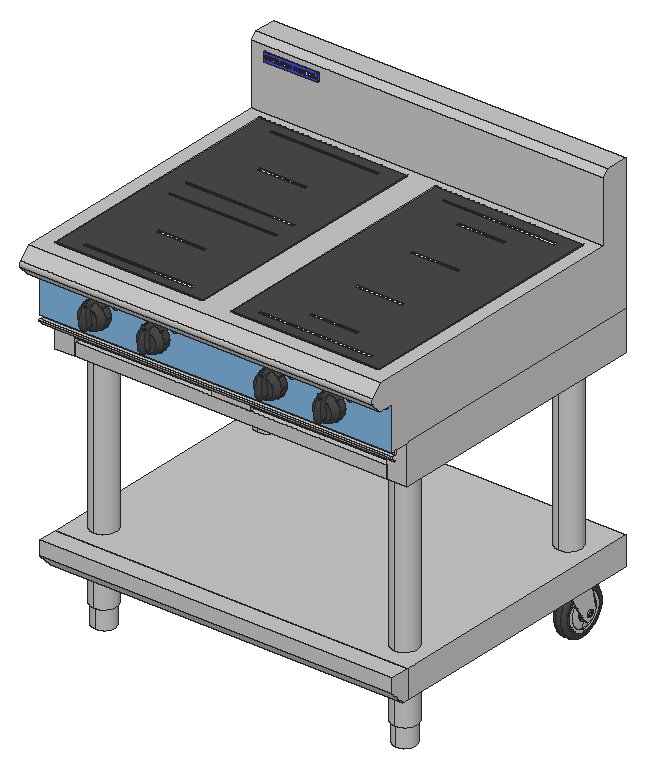
Revit family "QF_Moffat_IN514R5F-LS_Induction_Cooktop_cat", category Specialty Equipment, Revit 2019
Family settings
  Round Connector Dimension = Use Diameter
  Part Type = Normal
  Work Plane-Based = No
  Always vertical = Yes
  Cut with Voids When Loaded = No
  Shared = No
  Room Calculation Point = No
Parameters (values of type "IN514R5F-LS")
  Weight in Kilograms = 105
  Watts = 11620 W
  Volts = 415 V
  URL Cutsheet = ""
  Specification by User = ""
  Specification by Manufacturer = ""
  Show Logo [instance] = yes
  Show Legs [instance] = not(Show Castors)  # no
  Show Castors [instance] = yes
  Serial Number = ""
  Seismic Rating = ""
  SMACNA No = ""
  Revision Code = ""
  Phase = 3
  Number of Poles = 1
  NAFEM Spec ID Number = ""
  Model = "IN514R5F-LS"
  Min Ckt Ampacity = 0 A
  Max Overcurrent Protection = 0 A
  Masterspec = ""
  Manufacturer = "Moffat"
  Length = 900 mm
  Item Number = ""
  Installed By = ""
  Identify Quantity as Lot = yes
  Height = 1085 mm
  HP = ""
  Furnished By = ""
  Foodservice Equipment Identifier = yes
  FL Amps = 28 A
  Electrical Remarks = ""
  Electric Connection Type = ""
  Elec Conn RI Height = 0 mm
  Elec Conn Connection Height = 0 mm
  Description = "Induction Cooktop"
  Depth = 812.2 mm
  Cycle = 60 Hz
  Conn Plug = ""
  Conn Conduit = yes
  CSI MasterFormat = ""
  Apparent Power = if(Phase = 3, Volts * FL Amps * 1.73, Volts * FL Amps)  # 20102.6 VA
Reference planes
  plane 1 "BACK": y = 0
  plane 2: z = 0
  plane 3 "LEFT": x = 0
  plane 4 "RIGHT": x = 900
  plane 5 "FRONT": y = -812.2
  plane 6 "TOP": z = 1085
  plane 7 "Center Y": x = 450
  plane 8 "Center X": y = -406.1
  plane 9: x = 65.5
  plane 10: x = 834.5
  plane 11: y = -30
  plane 12: x = 770
  plane 13: z = 635
  plane 14: y = -100
  plane 15: y = -625
  plane 16: z = 150
Forms (mm)
  Extrusion 1, solid, material "QF_Metal_Stainless_Polished"
    sketch origin (0, 0, 560) x (0, 1, 0) y (0, 0, 1)
      loop
        line (0, 180) -> (0, 525) -> (-57, 525) -> (-70, 512) -> (-70, 354.5) -> (-784.171, 354.5) -> (-808.685, 329.985)
        arc (-808.685, 329.985) -> (-812.2, 321.5) -> (-808.685, 313.015) r 12
        line (-808.685, 313.015) -> (-785.171, 289.5) -> (-749, 289.5) -> (-749, 180) -> (0, 180)
    from 0 to 900
  Extrusion 2, void
    sketch origin (0, -784.171, 914.5) x (0, 1, 0) y (-1, 0, 0)
      loop
        arc (44.671, -33.5) -> (40.428, -35.257) -> (38.671, -39.5) r 6
        line (38.671, -39.5) -> (38.671, -410.5)
        arc (38.671, -410.5) -> (40.428, -414.743) -> (44.671, -416.5) r 6
        line (44.671, -416.5) -> (690.671, -416.5)
        arc (690.671, -416.5) -> (694.913, -414.743) -> (696.671, -410.5) r 6
        line (696.671, -410.5) -> (696.671, -39.5)
        arc (696.671, -39.5) -> (694.913, -35.257) -> (690.671, -33.5) r 6
        line (690.671, -33.5) -> (44.671, -33.5)
      loop
        arc (44.671, -483.5) -> (40.428, -485.257) -> (38.671, -489.5) r 6
        line (38.671, -489.5) -> (38.671, -860.5)
        arc (38.671, -860.5) -> (40.428, -864.743) -> (44.671, -866.5) r 6
        line (44.671, -866.5) -> (690.671, -866.5)
        arc (690.671, -866.5) -> (694.913, -864.743) -> (696.671, -860.5) r 6
        line (696.671, -860.5) -> (696.671, -489.5)
        arc (696.671, -489.5) -> (694.913, -485.257) -> (690.671, -483.5) r 6
        line (690.671, -483.5) -> (44.671, -483.5)
    from 0 to -9.5
  Extrusion 3, solid, material "QF_Plastic_White_Smooth"
    sketch origin (0, -784.171, 905) x (0, 1, 0) y (-1, 0, 0)
      loop
        line (660.921, -362.5) -> (666.921, -362.5) -> (666.921, -87.5) -> (660.921, -87.5) -> (660.921, -362.5)
      loop
        line (526.421, -285) -> (532.421, -285) -> (532.421, -165) -> (526.421, -165) -> (526.421, -285)
      loop
        line (397.921, -87.5) -> (391.921, -87.5) -> (391.921, -362.5) -> (397.921, -362.5) -> (397.921, -87.5)
      loop
        line (337.421, -362.5) -> (343.421, -362.5) -> (343.421, -87.5) -> (337.421, -87.5) -> (337.421, -362.5)
      loop
        line (202.921, -285) -> (208.921, -285) -> (208.921, -165) -> (202.921, -165) -> (202.921, -285)
      loop
        line (68.421, -362.5) -> (74.421, -362.5) -> (74.421, -87.5) -> (68.421, -87.5) -> (68.421, -362.5)
      loop
        line (657.071, -817.5) -> (663.071, -817.5) -> (663.071, -532.5) -> (657.071, -532.5) -> (657.071, -817.5)
      loop
        line (605.471, -615) -> (599.471, -615) -> (599.471, -735) -> (605.471, -735) -> (605.471, -615)
      loop
        line (458.971, -615) -> (452.971, -615) -> (452.971, -735) -> (458.971, -735) -> (458.971, -615)
      loop
        line (275.971, -735) -> (281.971, -735) -> (281.971, -615) -> (275.971, -615) -> (275.971, -735)
      loop
        line (129.471, -735) -> (135.471, -735) -> (135.471, -615) -> (129.471, -615) -> (129.471, -735)
      loop
        line (77.871, -532.5) -> (71.871, -532.5) -> (71.871, -817.5) -> (77.871, -817.5) -> (77.871, -532.5)
    from 0 to 9.5
  Extrusion 4, solid, material "QF_Plastic_Black_Smooth"
    sketch origin (0, -784.171, 914.5) x (0, 1, 0) y (-1, 0, 0)
      loop
        line (690.671, -37.5) -> (44.671, -37.5)
        arc (44.671, -37.5) -> (43.256, -38.086) -> (42.671, -39.5) r 2
        line (42.671, -39.5) -> (42.671, -410.5)
        arc (42.671, -410.5) -> (43.256, -411.914) -> (44.671, -412.5) r 2
        line (44.671, -412.5) -> (690.671, -412.5)
        arc (690.671, -412.5) -> (692.085, -411.914) -> (692.671, -410.5) r 2
        line (692.671, -410.5) -> (692.671, -39.5)
        arc (692.671, -39.5) -> (692.085, -38.086) -> (690.671, -37.5) r 2
      loop
        line (690.671, -487.5) -> (44.671, -487.5)
        arc (44.671, -487.5) -> (43.256, -488.086) -> (42.671, -489.5) r 2
        line (42.671, -489.5) -> (42.671, -860.5)
        arc (42.671, -860.5) -> (43.256, -861.914) -> (44.671, -862.5) r 2
        line (44.671, -862.5) -> (690.671, -862.5)
        arc (690.671, -862.5) -> (692.085, -861.914) -> (692.671, -860.5) r 2
        line (692.671, -860.5) -> (692.671, -489.5)
        arc (692.671, -489.5) -> (692.085, -488.086) -> (690.671, -487.5) r 2
      loop
        line (666.921, -362.5) -> (666.921, -87.5) -> (660.921, -87.5) -> (660.921, -362.5) -> (666.921, -362.5)
      loop
        line (532.421, -285) -> (532.421, -165) -> (526.421, -165) -> (526.421, -285) -> (532.421, -285)
      loop
        line (397.921, -362.5) -> (397.921, -87.5) -> (391.921, -87.5) -> (391.921, -362.5) -> (397.921, -362.5)
      loop
        line (343.421, -87.5) -> (337.421, -87.5) -> (337.421, -362.5) -> (343.421, -362.5) -> (343.421, -87.5)
      loop
        line (208.921, -165) -> (202.921, -165) -> (202.921, -285) -> (208.921, -285) -> (208.921, -165)
      loop
        line (68.421, -362.5) -> (74.421, -362.5) -> (74.421, -87.5) -> (68.421, -87.5) -> (68.421, -362.5)
      loop
        line (657.071, -532.5) -> (657.071, -817.5) -> (663.071, -817.5) -> (663.071, -532.5) -> (657.071, -532.5)
      loop
        line (605.471, -735) -> (605.471, -615) -> (599.471, -615) -> (599.471, -735) -> (605.471, -735)
      loop
        line (458.971, -735) -> (458.971, -615) -> (452.971, -615) -> (452.971, -735) -> (458.971, -735)
      loop
        line (275.971, -615) -> (275.971, -735) -> (281.971, -735) -> (281.971, -615) -> (275.971, -615)
      loop
        line (135.471, -735) -> (135.471, -615) -> (129.471, -615) -> (129.471, -735) -> (135.471, -735)
      loop
        line (77.871, -817.5) -> (77.871, -532.5) -> (71.871, -532.5) -> (71.871, -817.5) -> (77.871, -817.5)
    from 0 to -9.5
  Extrusion 5, solid, material "QF_Metal_Stainless_Polished"
    sketch origin (0, 0, 600) x (0, 1, 0) y (0, 0, 1)
      loop
        line (-737.8, 140) -> (-737.8, 130) -> (-747.305, 130)
        arc (-747.305, 130) -> (-750.276, 128.015) -> (-749.579, 124.511) r 3.215
        line (-749.579, 124.511) -> (-739.05, 113.982) -> (-737.919, 115.113) -> (-748.447, 125.642)
        arc (-748.447, 125.642) -> (-748.797, 127.403) -> (-747.305, 128.4) r 1.615
        line (-747.305, 128.4) -> (-736.2, 128.4) -> (-736.2, 140) -> (-737.8, 140)
    from 0 to 900
  Extrusion 6, solid, material "QF_Plastic_Black_Smooth"
    sketch origin (0, -749, 741.875) x (0, 0, 1) y (-1, 0, 0)
      loop
        circle (99.343, -13.157) r 5
      loop
        circle (99.343, -886.843) r 5
      loop
        circle (99.343, -150) r 5
      loop
        circle (99.343, -300) r 5
      loop
        circle (99.343, -600) r 5
      loop
        circle (99.343, -750) r 5
    from 0 to 1.6
  Extrusion 7, solid, material "QF_Metal_Stainless_Polished"
    sketch origin (0, -699, 640) x (0, 1, 0) y (1, 0, 0)
      loop
        circle (669, 770) r 6.35
    from 0 to 1.6
  Extrusion 8, solid, material "QF_Metal_Stainless_Polished"
    sketch origin (0, -699, 645) x (1, 0, 0) y (0, -1, 0)
      loop
        line (0, -699) -> (900, -699) -> (900, 0) -> (849.2, 0) -> (849.2, -25.4) -> (50.8, -25.4) -> (50.8, 0) -> (0, 0) -> (0, -699)
    from 5 to -95
  Revolve 9, solid, material "QF_Metal_Stainless_Polished"
    sketch origin (65.5, -4572, 255.2) x (0, 0, -1) y (0, -1, 0)
      loop
        line (32.7, -4503.75) -> (32.7, -4472) -> (-384.8, -4472) -> (-384.8, -4503.75) -> (32.7, -4503.75)
      axis (-384.8, -4472) -> (32.7, -4472)
    angle from 0 to 360
  Revolve 10, solid, material "QF_Metal_Stainless_Polished"
    sketch origin (65.5, -4572, 255.2) x (0, 0, -1) y (0, -1, 0)
      loop
        line (255.2, -3974.5) -> (255.2, -3947) -> (-384.8, -3947) -> (-384.8, -3978.75) -> (205.2, -3978.75) -> (205.2, -3974.5) -> (255.2, -3974.5)
      axis (-384.8, -3947) -> (255.2, -3947)
    angle from 0 to 360
  Revolve 11, solid, material "QF_Metal_Stainless_Polished"
    sketch origin (834.5, -4572, 255.2) x (0, 0, -1) y (0, 1, 0)
      loop
        line (32.7, 4503.75) -> (-384.8, 4503.75) -> (-384.8, 4472) -> (32.7, 4472) -> (32.7, 4503.75)
      axis (-384.8, 4472) -> (32.7, 4472)
    angle from 0 to 360
  Revolve 12, solid, material "QF_Metal_Stainless_Polished"
    sketch origin (834.5, -4572, 255.2) x (0, 0, -1) y (0, 1, 0)
      loop
        line (255.2, 3974.5) -> (205.2, 3974.5) -> (205.2, 3978.75) -> (-384.8, 3978.75) -> (-384.8, 3947) -> (255.2, 3947) -> (255.2, 3974.5)
      axis (-384.8, 3947) -> (255.2, 3947)
    angle from 0 to 360
  Extrusion 13, solid, material "QF_Metal_Stainless_Polished"
    sketch origin (0, 0, 0) x (0, 1, 0) y (0, 0, 1)
      loop
        line (-747.95, 186) -> (-711.95, 150) -> (-697.95, 150) -> (-697.95, 222.5) -> (-747.95, 222.5) -> (-747.95, 186)
    from 0 to 900
  Extrusion 14, solid, material "QF_Metal_Stainless_Polished"
    sketch origin (0, 0, 0) x (0, 1, 0) y (0, 0, 1)
      loop
        line (-697.95, 222.5) -> (-697.95, 150) -> (0, 150) -> (0, 222.5) -> (-697.95, 222.5)
    from 0 to 900
  Revolve 15, solid, material "QF_Metal_Stainless_Polished", visible <- "Show Legs"
    sketch origin (65.5, -4047, 255.2) x (0, 0, -1) y (0, -1, 0)
      loop
        line (255.2, -3974.5) -> (255.2, -3947) -> (105.2, -3947) -> (105.2, -3978.75) -> (205.2, -3978.75) -> (205.2, -3974.5) -> (255.2, -3974.5)
      axis (105.2, -3947) -> (255.2, -3947)
    angle from 0 to 360
  Revolve 16, solid, material "QF_Metal_Stainless_Polished", visible <- "Show Legs"
    sketch origin (834.5, -4047, 255.2) x (0, 0, -1) y (0, -1, 0)
      loop
        line (255.2, -3974.5) -> (255.2, -3947) -> (105.2, -3947) -> (105.2, -3978.75) -> (205.2, -3978.75) -> (205.2, -3974.5) -> (255.2, -3974.5)
      axis (105.2, -3947) -> (255.2, -3947)
    angle from 0 to 360
  Extrusion 17, solid, material "QF_Paint_Green"
    sketch origin (-87.5, -749, 742.2) x (0, 0, 1) y (-1, 0, 0)
      loop
        circle (84.8, -282.5) r 7.15
    from 0 to 1.6
  Extrusion 18, solid, material "QF_Metal_Stainless_Polished"
    sketch origin (849.2, -673.6, 645) x (-1, 0, 0) y (0, 0, -1)
      loop
        line (0, 5) -> (0, -27.7) -> (798.4, -27.7) -> (798.4, 5) -> (0, 5)
      loop
        line (450, -37.7) -> (450, -61.4) -> (798.4, -61.4) -> (798.4, -37.7) -> (450, -37.7)
      loop
        line (0, -62.4) -> (0, -95) -> (798.4, -95) -> (798.4, -62.4) -> (0, -62.4)
      loop
        line (348.4, -37.7) -> (0, -37.7) -> (0, -61.4) -> (348.4, -61.4) -> (348.4, -37.7)
    from 0 to 25.4
  Extrusion 19, solid, material "QF_Metal_Stainless_Polished"
    sketch origin (849.2, -673.6, 645) x (1, 0, 0) y (0, 0, -1)
      loop
        line (-348.4, -62.4) -> (-348.4, -27.7) -> (-450, -27.7) -> (-450, -62.4) -> (-348.4, -62.4)
    from 0 to -25.4
  Extrusion 20, solid, material "QF_Paint_Green"
    sketch origin (62.5, -749, 742.2) x (0, 0, 1) y (-1, 0, 0)
      loop
        circle (84.8, -282.5) r 7.15
    from 0 to 1.6
  Extrusion 21, solid, material "QF_Paint_Green"
    sketch origin (362.5, -749, 742.2) x (0, 0, 1) y (-1, 0, 0)
      loop
        circle (84.8, -282.5) r 7.15
    from 0 to 1.6
  Extrusion 22, solid, material "QF_Paint_Green"
    sketch origin (512.5, -749, 742.2) x (0, 0, 1) y (-1, 0, 0)
      loop
        circle (84.8, -282.5) r 7.15
    from 0 to 1.6
Cuts and joins
  Extrusion 2 cuts Extrusion 1
  joined: Revolve 10, Revolve 12, Extrusion 14
Lines and regions (mm)
  symbolic lines
    curve 1: line (0, 0, 0) -> (900, 0, 0)
    curve 2: line (0, -812.2, 0) -> (0, 0, 0)
    curve 3: line (900, -812.2, 0) -> (0, -812.2, 0)
    curve 4: line (900, 0, 0) -> (900, -812.2, 0)
    curve 5: line (0, -57, 0) -> (900, -57, 0)
    curve 6: line (0, -70, 0) -> (900, -70, 0)
    curve 7: line (0, -784.171, 0) -> (900, -784.171, 0)
    curve 8: arc (33.5, -93.5, 0) -> (35.257, -89.257, 0) -> (39.5, -87.5, 0) r 6
    curve 9: line (39.5, -87.5, 0) -> (410.5, -87.5, 0)
    curve 10: arc (410.5, -87.5, 0) -> (414.743, -89.257, 0) -> (416.5, -93.5, 0) r 6
    curve 11: line (416.5, -93.5, 0) -> (416.5, -739.5, 0)
    curve 12: arc (416.5, -739.5, 0) -> (414.743, -743.743, 0) -> (410.5, -745.5, 0) r 6
    curve 13: line (410.5, -745.5, 0) -> (39.5, -745.5, 0)
    curve 14: arc (39.5, -745.5, 0) -> (35.257, -743.743, 0) -> (33.5, -739.5, 0) r 6
    curve 15: line (33.5, -739.5, 0) -> (33.5, -93.5, 0)
    curve 16: line (410.5, -91.5, 0) -> (39.5, -91.5, 0)
    curve 17: arc (39.5, -91.5, 0) -> (38.086, -92.086, 0) -> (37.5, -93.5, 0) r 2
    curve 18: line (37.5, -93.5, 0) -> (37.5, -739.5, 0)
    curve 19: arc (37.5, -739.5, 0) -> (38.086, -740.914, 0) -> (39.5, -741.5, 0) r 2
    curve 20: line (39.5, -741.5, 0) -> (410.5, -741.5, 0)
    curve 21: arc (410.5, -741.5, 0) -> (411.914, -740.914, 0) -> (412.5, -739.5, 0) r 2
    curve 22: line (412.5, -739.5, 0) -> (412.5, -93.5, 0)
    curve 23: arc (412.5, -93.5, 0) -> (411.914, -92.086, 0) -> (410.5, -91.5, 0) r 2
    curve 24: line (362.5, -123.25, 0) -> (87.5, -123.25, 0)
    curve 25: line (87.5, -123.25, 0) -> (87.5, -117.25, 0)
    curve 26: line (87.5, -117.25, 0) -> (362.5, -117.25, 0)
    curve 27: line (362.5, -117.25, 0) -> (362.5, -123.25, 0)
    curve 28: line (285, -257.75, 0) -> (165, -257.75, 0)
    curve 29: line (165, -257.75, 0) -> (165, -251.75, 0)
    curve 30: line (165, -251.75, 0) -> (285, -251.75, 0)
    curve 31: line (285, -251.75, 0) -> (285, -257.75, 0)
    curve 32: line (362.5, -446.75, 0) -> (87.5, -446.75, 0)
    curve 33: line (87.5, -446.75, 0) -> (87.5, -440.75, 0)
    curve 34: line (87.5, -440.75, 0) -> (362.5, -440.75, 0)
    curve 35: line (362.5, -440.75, 0) -> (362.5, -446.75, 0)
    curve 36: line (87.5, -386.25, 0) -> (362.5, -386.25, 0)
    curve 37: line (362.5, -386.25, 0) -> (362.5, -392.25, 0)
    curve 38: line (362.5, -392.25, 0) -> (87.5, -392.25, 0)
    curve 39: line (87.5, -392.25, 0) -> (87.5, -386.25, 0)
    curve 40: line (165, -581.25, 0) -> (285, -581.25, 0)
    curve 41: line (285, -581.25, 0) -> (285, -575.25, 0)
    curve 42: line (285, -575.25, 0) -> (165, -575.25, 0)
    curve 43: line (165, -575.25, 0) -> (165, -581.25, 0)
    curve 44: line (362.5, -709.75, 0) -> (87.5, -709.75, 0)
    curve 45: line (87.5, -709.75, 0) -> (87.5, -715.75, 0)
    curve 46: line (87.5, -715.75, 0) -> (362.5, -715.75, 0)
    curve 47: line (362.5, -715.75, 0) -> (362.5, -709.75, 0)
    curve 48: line (489.5, -87.5, 0) -> (860.5, -87.5, 0)
    curve 49: arc (860.5, -87.5, 0) -> (864.743, -89.257, 0) -> (866.5, -93.5, 0) r 6
    curve 50: line (866.5, -93.5, 0) -> (866.5, -739.5, 0)
    curve 51: arc (866.5, -739.5, 0) -> (864.743, -743.743, 0) -> (860.5, -745.5, 0) r 6
    curve 52: line (860.5, -745.5, 0) -> (489.5, -745.5, 0)
    curve 53: arc (489.5, -745.5, 0) -> (485.257, -743.743, 0) -> (483.5, -739.5, 0) r 6
    curve 54: line (483.5, -739.5, 0) -> (483.5, -93.5, 0)
    curve 55: arc (483.5, -93.5, 0) -> (485.257, -89.257, 0) -> (489.5, -87.5, 0) r 6
    curve 56: line (860.5, -91.5, 0) -> (489.5, -91.5, 0)
    curve 57: arc (489.5, -91.5, 0) -> (488.086, -92.086, 0) -> (487.5, -93.5, 0) r 2
    curve 58: line (487.5, -93.5, 0) -> (487.5, -739.5, 0)
    curve 59: arc (487.5, -739.5, 0) -> (488.086, -740.914, 0) -> (489.5, -741.5, 0) r 2
    curve 60: line (489.5, -741.5, 0) -> (860.5, -741.5, 0)
    curve 61: arc (860.5, -741.5, 0) -> (861.914, -740.914, 0) -> (862.5, -739.5, 0) r 2
    curve 62: line (862.5, -739.5, 0) -> (862.5, -93.5, 0)
    curve 63: arc (862.5, -93.5, 0) -> (861.914, -92.086, 0) -> (860.5, -91.5, 0) r 2
    curve 64: line (532.5, -121.1, 0) -> (817.5, -121.1, 0)
    curve 65: line (817.5, -121.1, 0) -> (817.5, -127.1, 0)
    curve 66: line (817.5, -127.1, 0) -> (532.5, -127.1, 0)
    curve 67: line (532.5, -127.1, 0) -> (532.5, -121.1, 0)
    curve 68: line (615, -178.7, 0) -> (735, -178.7, 0)
    curve 69: line (735, -178.7, 0) -> (735, -184.7, 0)
    curve 70: line (735, -184.7, 0) -> (615, -184.7, 0)
    curve 71: line (615, -184.7, 0) -> (615, -178.7, 0)
    curve 72: line (615, -325.2, 0) -> (735, -325.2, 0)
    curve 73: line (735, -325.2, 0) -> (735, -331.2, 0)
    curve 74: line (735, -331.2, 0) -> (615, -331.2, 0)
    curve 75: line (615, -331.2, 0) -> (615, -325.2, 0)
    curve 76: line (615, -502.2, 0) -> (735, -502.2, 0)
    curve 77: line (735, -502.2, 0) -> (735, -508.2, 0)
    curve 78: line (735, -508.2, 0) -> (615, -508.2, 0)
    curve 79: line (615, -508.2, 0) -> (615, -502.2, 0)
    curve 80: line (615, -648.7, 0) -> (735, -648.7, 0)
    curve 81: line (735, -648.7, 0) -> (735, -654.7, 0)
    curve 82: line (735, -654.7, 0) -> (615, -654.7, 0)
    curve 83: line (615, -654.7, 0) -> (615, -648.7, 0)
    curve 84: line (532.5, -706.3, 0) -> (817.5, -706.3, 0)
    curve 85: line (817.5, -706.3, 0) -> (817.5, -712.3, 0)
    curve 86: line (817.5, -712.3, 0) -> (532.5, -712.3, 0)
    curve 87: line (532.5, -712.3, 0) -> (532.5, -706.3, 0)
Dimensions and locks
  equal spacing: plane 3 "LEFT", plane 7 "Center Y", plane 4 "RIGHT"
  "Length": plane 3 "LEFT" to plane 4 "RIGHT"
  equal spacing: plane 5 "FRONT", plane 8 "Center X", plane 1 "BACK"
  "Depth": plane 5 "FRONT" to plane 1 "BACK"
  "Height": plane 6 "TOP" to level
  plane 9 to plane 10 = 769 mm
  plane 4 "RIGHT" to plane 3 "LEFT" = 900 mm
  plane 1 "BACK" to cut or joined group of Extrusion 1, Extrusion 2 = 70 mm
  plane 1 "BACK" to plane 5 "FRONT" = 812.2 mm
  plane 6 "TOP" to plane 2 = 1085 mm
  cut or joined group of Extrusion 1, Extrusion 2 to plane 2 = 914.5 mm
  locked: plane 12 to plane 4 "RIGHT" at 130
  plane 1 "BACK" to plane 11 = 30 mm
  plane 1 "BACK" to plane 14 to plane 15 = 100 mm, 525 mm
  plane 2 to plane 13 = 635 mm
  plane 16 to plane 2 = 150 mm
  aligned and locked: level to plane 2
Automatic sketch dimensions
  Extrusion 1 sketch curve to plane 6 "TOP" = 0 mm
  Extrusion 1 sketch curve to plane 1 "BACK" = 0 mm
  plane 11 to Extrusion 1 sketch curve = 27 mm
  Extrusion 1 sketch curve to plane 6 "TOP" = 13 mm
  Extrusion 1 sketch curve to Extrusion 1 sketch curve = 13 mm
  Extrusion 1 sketch curve to plane 5 "FRONT" = 63.2 mm
  Extrusion 1 sketch curve to plane 5 "FRONT" = 28.029 mm
  Extrusion 1 sketch curve to plane 5 "FRONT" = 27.029 mm
  Extrusion 1 sketch curve to plane 5 "FRONT" = 12 mm
  Extrusion 1 sketch curve to plane 5 "FRONT" = 3.515 mm  (x2)
  Extrusion 1 sketch curve to plane 6 "TOP" = 170.5 mm
  Extrusion 1 sketch curve to Extrusion 1 sketch curve = 24.515 mm
  Extrusion 1 sketch curve to Extrusion 1 sketch curve = 8.485 mm
  Extrusion 1 sketch curve to Extrusion 1 sketch curve = 32 mm
  Extrusion 1 sketch curve to plane 13 = 105 mm
  Extrusion 5 sketch curve to Extrusion 5 sketch curve = 0 mm  (x2)
  Extrusion 5 sketch curve to plane 5 "FRONT" = 62.621 mm
  Extrusion 5 sketch curve to Extrusion 5 sketch curve = 1.131 mm  (x3)
  Extrusion 5 sketch curve to Extrusion 5 sketch curve = 1.142 mm  (x2)
  Extrusion 5 sketch curve to Extrusion 5 sketch curve = 10.529 mm
  Extrusion 5 sketch curve to Extrusion 5 sketch curve = 9.505 mm
  Extrusion 5 sketch curve to Extrusion 5 sketch curve = 1.6 mm
  Extrusion 5 sketch curve to plane 13 = 78.982 mm
  Extrusion 5 sketch curve to Extrusion 5 sketch curve = 10 mm
  Extrusion 8 to Extrusion 7 sketch curve = 30 mm
  Extrusion 7 sketch curve to Extrusion 8 = 79.2 mm
  plane 1 "BACK" to Extrusion 8 sketch curve = 0 mm
  Extrusion 8 sketch curve to plane 3 "LEFT" = 0 mm
  Extrusion 8 sketch curve to plane 4 "RIGHT" = 0 mm
  plane 9 to Extrusion 8 sketch curve = 14.7 mm
  Extrusion 8 sketch curve to plane 10 = 14.7 mm
  plane 15 to Extrusion 8 sketch curve = 48.6 mm
  Extrusion 8 sketch curve to Extrusion 8 sketch curve = 25.4 mm  (x2)
  Revolve 9 sketch curve to plane 14 = 0 mm  (x2)
  Revolve 9 sketch curve to plane 13 = 5 mm
  Revolve 9 sketch curve to plane 14 = 31.75 mm
  plane 16 to Revolve 9 sketch curve = 72.5 mm
  Revolve 9 sketch curve to Revolve 9 sketch curve = 0 mm
  plane 16 to Revolve 9 sketch curve = 25 mm
  Revolve 10 sketch curve to plane 15 = 0 mm  (x2)
  Revolve 10 sketch curve to level = 0 mm  (x2)
  level to Revolve 10 sketch curve = 50 mm
  Revolve 10 sketch curve to plane 13 = 5 mm
  Revolve 10 sketch curve to Revolve 10 sketch curve = 27.5 mm
  Revolve 10 sketch curve to Revolve 10 sketch curve = 31.75 mm
  Revolve 10 sketch curve to Revolve 10 sketch curve = 25 mm
  Revolve 11 sketch curve to plane 14 = 0 mm  (x2)
  Revolve 11 sketch curve to plane 13 = 5 mm
  Revolve 11 sketch curve to plane 14 = 31.75 mm
  plane 16 to Revolve 11 sketch curve = 72.5 mm
  Revolve 11 sketch curve to Revolve 11 sketch curve = 0 mm
  Revolve 11 sketch curve to Revolve 11 sketch curve = 25 mm
  Revolve 12 sketch curve to plane 15 = 0 mm  (x2)
  Revolve 12 sketch curve to level = 0 mm  (x2)
  level to Revolve 12 sketch curve = 50 mm
  Revolve 12 sketch curve to plane 13 = 5 mm
  Revolve 12 sketch curve to plane 15 = 27.5 mm
  Revolve 12 sketch curve to Revolve 12 sketch curve = 4.25 mm
  Revolve 12 sketch curve to Revolve 12 sketch curve = 25 mm
  Extrusion 13 sketch curve to plane 16 = 0 mm
  Extrusion 13 sketch curve to plane 5 "FRONT" = 64.25 mm
  Extrusion 13 sketch curve to Extrusion 13 sketch curve = 36 mm
  Extrusion 13 sketch curve to Extrusion 13 sketch curve = 14 mm
  plane 16 to Extrusion 13 sketch curve = 36 mm
  Extrusion 13 sketch curve to Extrusion 13 sketch curve = 36.5 mm
  Extrusion 14 sketch curve to plane 16 = 0 mm
  Extrusion 14 sketch curve to plane 1 "BACK" = 0 mm
  plane 15 to Extrusion 14 sketch curve = 72.95 mm
  Extrusion 14 sketch curve to Extrusion 14 sketch curve = 72.5 mm
  Revolve 15 sketch curve to plane 14 = 0 mm  (x2)
  Revolve 15 sketch curve to plane 16 = 0 mm
  Revolve 15 sketch curve to level = 0 mm  (x2)
  level to Revolve 15 sketch curve = 50 mm
  Revolve 15 sketch curve to Revolve 15 sketch curve = 27.5 mm
  Revolve 15 sketch curve to plane 14 = 31.75 mm
  Revolve 15 sketch curve to Revolve 15 sketch curve = 25 mm
  Revolve 16 sketch curve to plane 14 = 0 mm  (x2)
  Revolve 16 sketch curve to plane 16 = 0 mm
  Revolve 16 sketch curve to level = 0 mm  (x2)
  level to Revolve 16 sketch curve = 50 mm
  Revolve 16 sketch curve to Revolve 16 sketch curve = 27.5 mm
  Revolve 16 sketch curve to plane 14 = 31.75 mm
  Revolve 16 sketch curve to Revolve 16 sketch curve = 25 mm
  Extrusion 1 to Extrusion 17 sketch curve = 22.5 mm
  Extrusion 1 to Extrusion 17 sketch curve = 195 mm
  Extrusion 18 sketch curve to Extrusion 8 = 0 mm  (x8)
  Extrusion 8 to Extrusion 18 sketch curve = 42.7 mm
  Extrusion 18 sketch curve to Extrusion 8 = 348.4 mm
  Extrusion 8 to Extrusion 18 sketch curve = 33.6 mm
  Extrusion 18 sketch curve to Extrusion 18 sketch curve = 101.6 mm
  Extrusion 18 sketch curve to Extrusion 18 sketch curve = 1 mm  (x2)
  Extrusion 18 sketch curve to Extrusion 18 sketch curve = 23.7 mm
  Extrusion 18 sketch curve to Extrusion 18 sketch curve = 10 mm
  Extrusion 18 to Extrusion 19 sketch curve = 0 mm
  Extrusion 19 sketch curve to Extrusion 18 = 0 mm  (x3)
  Extrusion 1 to Extrusion 20 sketch curve = 22.5 mm
  Extrusion 1 to Extrusion 20 sketch curve = 345 mm
  Extrusion 1 to Extrusion 21 sketch curve = 22.5 mm
  Extrusion 1 to Extrusion 21 sketch curve = 255 mm
  Extrusion 1 to Extrusion 22 sketch curve = 22.5 mm
  Extrusion 1 to Extrusion 22 sketch curve = 105 mm
  curve 3 to plane 3 "LEFT" = 0 mm
  curve 3 to plane 4 "RIGHT" = 0 mm
  plane 5 "FRONT" to curve 3 = 0 mm
  plane 1 "BACK" to curve 2 = 0 mm
  plane 11 to curve 5 = 27 mm
  curve 6 to curve 5 = 13 mm
  curve 2 to curve 7 = 28.029 mm
  Extrusion 1 to Extrusion 6 sketch curve = 8.282 mm  (x6)
  Extrusion 1 to Extrusion 6 sketch curve = 13.157 mm  (x2)
  Extrusion 6 sketch curve to Extrusion 6 sketch curve = 136.843 mm
  Extrusion 6 sketch curve to Extrusion 6 sketch curve = 150 mm
  Extrusion 1 to Extrusion 6 sketch curve = 300 mm
  Extrusion 1 to Extrusion 6 sketch curve = 150 mm
  Extrusion 2 sketch curve to Extrusion 1 = 38.671 mm  (x2)
  Extrusion 2 sketch curve to Extrusion 2 sketch curve = 6 mm  (x6)
  Extrusion 1 to Extrusion 2 sketch curve = 23.5 mm  (x4)
  Extrusion 1 to Extrusion 2 sketch curve = 416.5 mm
  Extrusion 1 to Extrusion 2 sketch curve = 39.5 mm  (x2)
  Extrusion 2 sketch curve to Extrusion 2 sketch curve = 67 mm
  Extrusion 4 sketch curve to Extrusion 1 = 42.671 mm  (x2)
  Extrusion 4 sketch curve to Extrusion 4 sketch curve = 2 mm  (x6)
  Extrusion 4 sketch curve to Extrusion 4 sketch curve = 23.75 mm
  Extrusion 4 sketch curve to Extrusion 4 sketch curve = 6 mm  (x12)
  Extrusion 4 sketch curve to Extrusion 4 sketch curve = 128.5 mm  (x3)
  Extrusion 4 sketch curve to Extrusion 4 sketch curve = 48.5 mm
  Extrusion 1 to Extrusion 4 sketch curve = 53.25 mm
  Extrusion 1 to Extrusion 4 sketch curve = 23.5 mm  (x4)
  Extrusion 1 to Extrusion 4 sketch curve = 37.5 mm
  Extrusion 4 sketch curve to Extrusion 4 sketch curve = 75 mm
  Extrusion 4 sketch curve to Extrusion 4 sketch curve = 48 mm  (x2)
  Extrusion 4 sketch curve to Extrusion 4 sketch curve = 0 mm  (x5)
  Extrusion 4 sketch curve to Extrusion 4 sketch curve = 77.5 mm  (x2)
  Extrusion 4 sketch curve to Extrusion 4 sketch curve = 120 mm  (x5)
  Extrusion 1 to Extrusion 4 sketch curve = 87.5 mm  (x3)
  Extrusion 1 to Extrusion 4 sketch curve = 39.5 mm
  Extrusion 3 sketch curve to Extrusion 2 = 35.75 mm  (x2)
  Extrusion 3 sketch curve to Extrusion 3 sketch curve = 6 mm  (x12)
  Extrusion 3 sketch curve to Extrusion 2 = 54 mm  (x7)
  Extrusion 3 sketch curve to Extrusion 3 sketch curve = 128.5 mm  (x3)
  Extrusion 3 sketch curve to Extrusion 2 = 131.5 mm  (x5)
  Extrusion 3 sketch curve to Extrusion 3 sketch curve = 120 mm  (x5)
  Extrusion 3 sketch curve to Extrusion 3 sketch curve = 48.5 mm
  Extrusion 3 sketch curve to Extrusion 3 sketch curve = 0 mm
  plane 9 to curve 15 = 32 mm
  curve 14 to curve 14 = 6 mm
  curve 8 to curve 8 = 6 mm
  curve 13 to plane 7 "Center Y" = 39.5 mm
  curve 9 to plane 14 = 12.5 mm
  curve 9 to plane 7 "Center Y" = 39.5 mm
  curve 12 to curve 11 = 6 mm
  curve 13 to plane 5 "FRONT" = 66.7 mm
  curve 8 to curve 17 = 0 mm  (x2)
  curve 10 to curve 23 = 0 mm  (x2)
  curve 12 to curve 21 = 0 mm  (x2)
  curve 14 to curve 19 = 0 mm
  curve 18 to curve 8 = 2 mm
  curve 24 to plane 9 = 22 mm
  plane 14 to curve 27 = 17.25 mm
  curve 27 to curve 23 = 48 mm
  curve 24 to curve 25 = 6 mm
  curve 28 to plane 9 = 99.5 mm
  curve 29 to curve 31 = 120 mm
  plane 8 "Center X" to curve 28 = 148.35 mm
  curve 28 to curve 30 = 6 mm
  curve 32 to plane 9 = 22 mm
  curve 32 to plane 8 "Center X" = 40.65 mm
  curve 32 to plane 7 "Center Y" = 87.5 mm
  curve 32 to curve 33 = 6 mm
  curve 39 to plane 9 = 22 mm
  plane 8 "Center X" to curve 37 = 13.85 mm
  curve 37 to curve 34 = 0 mm
  curve 37 to curve 37 = 6 mm
  curve 40 to plane 15 = 43.75 mm
  curve 40 to plane 9 = 99.5 mm
  curve 42 to plane 15 = 49.75 mm
  curve 42 to curve 42 = 120 mm
  curve 44 to plane 9 = 22 mm
  curve 44 to curve 21 = 48 mm
  curve 21 to curve 47 = 23.75 mm
  curve 45 to curve 44 = 6 mm
  curve 54 to plane 14 = 6.5 mm
  plane 7 "Center Y" to curve 54 = 33.5 mm
  curve 54 to curve 55 = 6 mm
  curve 53 to curve 53 = 6 mm
  curve 48 to plane 10 = 26 mm
  curve 52 to plane 10 = 26 mm
  curve 51 to curve 50 = 6 mm
  curve 7 to curve 52 = 38.671 mm
  curve 49 to curve 63 = 0 mm  (x2)
  curve 51 to curve 61 = 0 mm  (x2)
  curve 53 to curve 59 = 0 mm  (x2)
  curve 55 to curve 57 = 0 mm
  curve 58 to curve 55 = 2 mm
  Extrusion 4 sketch curve to Extrusion 4 sketch curve = 371 mm
  Extrusion 4 sketch curve to Extrusion 4 sketch curve = 33.6 mm
  Extrusion 4 sketch curve to Extrusion 4 sketch curve = 43 mm  (x4)
  Extrusion 4 sketch curve to Extrusion 4 sketch curve = 57.6 mm
  Extrusion 4 sketch curve to Extrusion 4 sketch curve = 82.5 mm  (x2)
  Extrusion 4 sketch curve to Extrusion 4 sketch curve = 146.5 mm
  Extrusion 4 sketch curve to Extrusion 4 sketch curve = 177 mm
  Extrusion 1 to Extrusion 4 sketch curve = 165 mm
  Extrusion 4 sketch curve to Extrusion 1 = 129.471 mm
  Extrusion 4 sketch curve to Extrusion 4 sketch curve = 27.2 mm
  Extrusion 3 sketch curve to Extrusion 2 = 39.6 mm
  Extrusion 3 sketch curve to Extrusion 2 = 49 mm  (x4)
  Extrusion 3 sketch curve to Extrusion 2 = 97.2 mm
  Extrusion 3 sketch curve to Extrusion 3 sketch curve = 82.5 mm  (x2)
  Extrusion 3 sketch curve to Extrusion 3 sketch curve = 146.5 mm
  Extrusion 3 sketch curve to Extrusion 3 sketch curve = 177 mm
  Extrusion 3 sketch curve to Extrusion 2 = 90.8 mm
  Extrusion 3 sketch curve to Extrusion 2 = 33.2 mm
  plane 14 to curve 66 = 27.1 mm
  curve 57 to curve 66 = 43 mm
  plane 10 to curve 66 = 17 mm
  curve 66 to curve 67 = 6 mm
  curve 66 to curve 70 = 82.5 mm
  plane 12 to curve 70 = 35 mm
  plane 14 to curve 70 = 84.7 mm
  curve 69 to curve 69 = 6 mm
  curve 74 to curve 70 = 0 mm
  plane 12 to curve 72 = 35 mm
  plane 8 "Center X" to curve 75 = 74.9 mm
  curve 74 to curve 75 = 6 mm
  plane 12 to curve 76 = 155 mm
  plane 12 to curve 76 = 35 mm
  curve 78 to plane 8 "Center X" = 102.1 mm
  curve 77 to curve 76 = 6 mm
  plane 15 to curve 83 = 23.7 mm
  curve 83 to curve 78 = 0 mm
  plane 12 to curve 80 = 35 mm
  curve 82 to curve 80 = 6 mm
  curve 53 to curve 84 = 43 mm
  plane 10 to curve 85 = 17 mm
  curve 51 to curve 85 = 27.2 mm
  curve 85 to curve 85 = 6 mm
  radius of Extrusion 7 sketch curve = 6.35 mm
  radius of Extrusion 17 sketch curve = 7.15 mm
  radius of Extrusion 20 sketch curve = 7.15 mm
  radius of Extrusion 21 sketch curve = 7.15 mm
  radius of Extrusion 22 sketch curve = 7.15 mm
  radius of Extrusion 6 sketch curve = 5 mm  (x6)
Nested families
  nested 1: "QF_LOGO_BLue Seal" at (32, -70, 1034.385), visible <- "Show Logo", type "QF_LOGO_BLue Seal"
  nested 2: "6 INCHES 02_CASTER" at (65.5, -100, 0), Show Casters <- "Show Castors", type "6 INCHES 02_CASTER"
    with Type Mark "", Specification by User "", Show Casters yes, Revision Code "", Item Number "", Installed By "", Identify Quantity as Lot yes, Furnished By "", Foodservice Equipment Identifier yes
  nested 3: "6 INCHES 02_CASTER" at (834.5, -100, 0), Show Casters <- "Show Castors", type "6 INCHES 02_CASTER"
    with Type Mark "", Specification by User "", Show Casters yes, Revision Code "", Item Number "", Installed By "", Identify Quantity as Lot yes, Furnished By "", Foodservice Equipment Identifier yes
  nested 4: "Knob" at (117.5, -739.5, 764.5), type "Knob"
  nested 5: "Knob" at (267.5, -739.5, 764.5), type "Knob"
  nested 6: "Knob" at (567.5, -739.5, 764.5), type "Knob"
  nested 7: "Knob" at (717.5, -739.5, 764.5), type "Knob"
Connectors
  electrical at (770, -30, 638.4), driven by "Volts", driven by "Watts"
    settings: on Extrusion 7, index 1, voltage 415 V, apparent load 11620 VA, apparent load phase1 0 VA, apparent load phase2 0 VA, apparent load phase3 0 VA, power factor 1, load classification "Other", number of poles 1, system type 30, power factor state 1, is connector primary yes, connector utility no, sub classification motor no, connector description "Electrical Connection"
Definition of nested family "QF_LOGO_BLue Seal"
  Parameters (values of type "QF_LOGO_BLue Seal")
    Weight in Pounds = 0
    URL Cutsheet = ""
    Specification by User = ""
    Specification by Manufacturer = ""
    Serial Number = ""
    Seismic Rating = ""
    SMACNA No = ""
    Revision Code = ""
    NAFEM Spec ID Number = ""
    Masterspec = ""
    Length = 138 mm
    Item Number = ""
    Installed By = ""
    Identify Quantity as Lot = yes
    Height = 23 mm
    Furnished By = ""
    Foodservice Equipment Identifier = yes
    Depth = 3.175 mm
    CSI MasterFormat = ""
  Reference planes
    plane 1 "BACK": y = 0
    plane 2: z = 0
    plane 3 "LEFT": x = 0
    plane 4 "RIGHT": x = 138
    plane 5 "FRONT": y = -3.175
    plane 6 "TOP": z = 23
    plane 7 "Center Y": x = 69
    plane 8 "Center X": y = -1.587
  Forms (mm)
    Extrusion 1, solid
      sketch origin (0, 0, 0) x (1, 0, 0) y (0, 0, 1)
        loop
          arc (2, 23) -> (0.586, 22.414) -> (0, 21) r 2
          line (0, 21) -> (0, 2)
          arc (0, 2) -> (0.586, 0.586) -> (2, 0) r 2
          line (2, 0) -> (136, 0)
          arc (136, 0) -> (137.414, 0.586) -> (138, 2) r 2
          line (138, 2) -> (138, 21)
          arc (138, 21) -> (137.414, 22.414) -> (136, 23) r 2
          line (136, 23) -> (2, 23)
        loop
          arc (16.625, 15.317) -> (15.943, 15.034) -> (15.66, 14.352) r 0.965
          line (15.66, 14.352) -> (15.66, 8.169)
          arc (15.66, 8.169) -> (15.953, 7.461) -> (16.66, 7.169) r 1
          line (16.66, 7.169) -> (27.958, 7.169)
          arc (27.958, 7.169) -> (29.995, 9.206) -> (27.958, 11.243) r 2.037
          arc (27.958, 11.243) -> (29.995, 13.28) -> (27.958, 15.317) r 2.037
          line (27.958, 15.317) -> (16.625, 15.317)
        loop
          line (21.163, 13.835) -> (21.163, 12.291) -> (23.596, 12.291)
          arc (23.596, 12.291) -> (24.368, 13.063) -> (23.596, 13.835) r 0.772
          line (23.596, 13.835) -> (21.163, 13.835)
        loop
          line (21.163, 8.544) -> (23.596, 8.544)
          arc (23.596, 8.544) -> (24.368, 9.316) -> (23.596, 10.089) r 0.772
          line (23.596, 10.089) -> (21.163, 10.089) -> (21.163, 8.544)
        loop
          arc (32.475, 15.317) -> (31.768, 15.024) -> (31.475, 14.317) r 1
          line (31.475, 14.317) -> (31.475, 8.169)
          arc (31.475, 8.169) -> (31.768, 7.461) -> (32.475, 7.169) r 1
          line (32.475, 7.169) -> (41.849, 7.169)
          arc (41.849, 7.169) -> (42.859, 8.178) -> (41.849, 9.188) r 1.01
          line (41.849, 9.188) -> (37.262, 9.188) -> (37.262, 14.317)
          arc (37.262, 14.317) -> (36.969, 15.024) -> (36.262, 15.317) r 1
          line (36.262, 15.317) -> (32.475, 15.317)
        loop
          arc (44.648, 15.317) -> (43.941, 15.024) -> (43.648, 14.317) r 1
          line (43.648, 14.317) -> (43.648, 9.124)
          arc (43.648, 9.124) -> (44.221, 7.741) -> (45.604, 7.169) r 1.956
          line (45.604, 7.169) -> (55.306, 7.169)
          arc (55.306, 7.169) -> (56.749, 7.766) -> (57.347, 9.209) r 2.04
          line (57.347, 9.209) -> (57.347, 14.358)
          arc (57.347, 14.358) -> (57.066, 15.036) -> (56.388, 15.317) r 0.959
          line (56.388, 15.317) -> (52.676, 15.317)
          arc (52.676, 15.317) -> (51.968, 15.024) -> (51.676, 14.317) r 1
          line (51.676, 14.317) -> (51.676, 10.17)
          arc (51.676, 10.17) -> (50.529, 9.024) -> (49.383, 10.17) r 1.146
          line (49.383, 10.17) -> (49.383, 14.317)
          arc (49.383, 14.317) -> (49.09, 15.024) -> (48.383, 15.317) r 1
          line (48.383, 15.317) -> (44.648, 15.317)
        loop
          arc (60.035, 15.317) -> (59.328, 15.024) -> (59.035, 14.317) r 1
          line (59.035, 14.317) -> (59.035, 8.169)
          arc (59.035, 8.169) -> (59.328, 7.461) -> (60.035, 7.169) r 1
          line (60.035, 7.169) -> (69.845, 7.169)
          arc (69.845, 7.169) -> (70.828, 8.152) -> (69.845, 9.135) r 0.983
          line (69.845, 9.135) -> (65.06, 9.135) -> (65.06, 10.415) -> (69.988, 10.415)
          arc (69.988, 10.415) -> (70.828, 11.255) -> (69.988, 12.095) r 0.84
          line (69.988, 12.095) -> (65.06, 12.095) -> (65.06, 13.215) -> (69.777, 13.215)
          arc (69.777, 13.215) -> (70.828, 14.266) -> (69.777, 15.317) r 1.051
          line (69.777, 15.317) -> (60.035, 15.317)
        loop
          line (77.315, 14.317) -> (77.315, 11.634)
          arc (77.315, 11.634) -> (77.608, 10.927) -> (78.315, 10.634) r 1
          line (78.315, 10.634) -> (85.957, 10.634) -> (85.957, 8.756) -> (82.871, 8.756) -> (82.871, 9.708) -> (77.315, 9.708) -> (77.315, 8.169)
          arc (77.315, 8.169) -> (77.608, 7.461) -> (78.315, 7.169) r 1
          line (78.315, 7.169) -> (90.614, 7.169)
          arc (90.614, 7.169) -> (91.321, 7.461) -> (91.614, 8.169) r 1
          line (91.614, 8.169) -> (91.614, 11.073)
          arc (91.614, 11.073) -> (91.322, 11.778) -> (90.617, 12.07) r 0.996
          line (90.617, 12.07) -> (82.871, 12.07) -> (82.871, 13.786) -> (85.957, 13.786) -> (85.957, 12.856) -> (91.614, 12.856) -> (91.614, 14.317)
          arc (91.614, 14.317) -> (91.321, 15.024) -> (90.614, 15.317) r 1
          line (90.614, 15.317) -> (78.315, 15.317)
          arc (78.315, 15.317) -> (77.608, 15.024) -> (77.315, 14.317) r 1
        loop
          arc (107.404, 15.317) -> (106.697, 15.024) -> (106.404, 14.317) r 1
          line (106.404, 14.317) -> (106.404, 8.169)
          arc (106.404, 8.169) -> (106.697, 7.461) -> (107.404, 7.169) r 1
          line (107.404, 7.169) -> (111.34, 7.169)
          arc (111.34, 7.169) -> (112.047, 7.461) -> (112.34, 8.169) r 1
          line (112.34, 8.169) -> (112.34, 9.135) -> (115.1, 9.135) -> (115.1, 8.169)
          arc (115.1, 8.169) -> (115.393, 7.461) -> (116.1, 7.169) r 1
          line (116.1, 7.169) -> (119.975, 7.169)
          arc (119.975, 7.169) -> (120.682, 7.461) -> (120.975, 8.169) r 1
          line (120.975, 8.169) -> (120.975, 14.317)
          arc (120.975, 14.317) -> (120.682, 15.024) -> (119.975, 15.317) r 1
          line (119.975, 15.317) -> (107.404, 15.317)
        loop
          arc (94.016, 15.317) -> (93.309, 15.024) -> (93.016, 14.317) r 1
          line (93.016, 14.317) -> (93.016, 8.169)
          arc (93.016, 8.169) -> (93.309, 7.461) -> (94.016, 7.169) r 1
          line (94.016, 7.169) -> (103.826, 7.169)
          arc (103.826, 7.169) -> (104.809, 8.152) -> (103.826, 9.135) r 0.983
          line (103.826, 9.135) -> (99.041, 9.135) -> (99.041, 10.415) -> (103.969, 10.415)
          arc (103.969, 10.415) -> (104.809, 11.255) -> (103.969, 12.095) r 0.84
          line (103.969, 12.095) -> (99.041, 12.095) -> (99.041, 13.215) -> (103.759, 13.215)
          arc (103.759, 13.215) -> (104.809, 14.266) -> (103.759, 15.317) r 1.051
          line (103.759, 15.317) -> (94.016, 15.317)
        loop
          line (112.34, 11.583) -> (115.1, 11.583) -> (115.1, 12.915)
          arc (115.1, 12.915) -> (114.954, 13.268) -> (114.6, 13.415) r 0.5
          line (114.6, 13.415) -> (112.84, 13.415)
          arc (112.84, 13.415) -> (112.487, 13.268) -> (112.34, 12.915) r 0.5
          line (112.34, 12.915) -> (112.34, 11.583)
        loop
          arc (123.692, 15.317) -> (122.985, 15.024) -> (122.692, 14.317) r 1
          line (122.692, 14.317) -> (122.692, 8.169)
          arc (122.692, 8.169) -> (122.985, 7.461) -> (123.692, 7.169) r 1
          line (123.692, 7.169) -> (133.067, 7.169)
          arc (133.067, 7.169) -> (134.076, 8.178) -> (133.067, 9.188) r 1.01
          line (133.067, 9.188) -> (128.479, 9.188) -> (128.479, 14.317)
          arc (128.479, 14.317) -> (128.186, 15.024) -> (127.479, 15.317) r 1
          line (127.479, 15.317) -> (123.692, 15.317)
        loop
          circle (8.135, 11.2) r 4.581
      from 0 to 3.2
    Extrusion 2, solid
      sketch origin (0, 0, 0) x (1, 0, 0) y (0, 0, 1)
        loop
          circle (8.135, 11.2) r 4.581
        loop
          line (8.289, 15.169) -> (8.289, 7.231)
          arc (8.289, 7.231) -> (12.08, 11.2) -> (8.289, 15.169) r 3.973
        loop
          arc (16.625, 15.317) -> (15.943, 15.034) -> (15.66, 14.352) r 0.965
          line (15.66, 14.352) -> (15.66, 8.169)
          arc (15.66, 8.169) -> (15.953, 7.461) -> (16.66, 7.169) r 1
          line (16.66, 7.169) -> (27.958, 7.169)
          arc (27.958, 7.169) -> (29.995, 9.206) -> (27.958, 11.243) r 2.037
          arc (27.958, 11.243) -> (29.995, 13.28) -> (27.958, 15.317) r 2.037
          line (27.958, 15.317) -> (16.625, 15.317)
        loop
          line (21.163, 12.291) -> (23.596, 12.291)
          arc (23.596, 12.291) -> (24.368, 13.063) -> (23.596, 13.835) r 0.772
          line (23.596, 13.835) -> (21.163, 13.835) -> (21.163, 12.291)
        loop
          line (23.596, 10.089) -> (21.163, 10.089) -> (21.163, 8.544) -> (23.596, 8.544)
          arc (23.596, 8.544) -> (24.368, 9.316) -> (23.596, 10.089) r 0.772
        loop
          arc (37.262, 14.317) -> (36.969, 15.024) -> (36.262, 15.317) r 1
          line (36.262, 15.317) -> (32.475, 15.317)
          arc (32.475, 15.317) -> (31.768, 15.024) -> (31.475, 14.317) r 1
          line (31.475, 14.317) -> (31.475, 8.169)
          arc (31.475, 8.169) -> (31.768, 7.461) -> (32.475, 7.169) r 1
          line (32.475, 7.169) -> (41.849, 7.169)
          arc (41.849, 7.169) -> (42.859, 8.178) -> (41.849, 9.188) r 1.01
          line (41.849, 9.188) -> (37.262, 9.188) -> (37.262, 14.317)
        loop
          arc (43.648, 9.124) -> (44.221, 7.741) -> (45.604, 7.169) r 1.956
          line (45.604, 7.169) -> (55.306, 7.169)
          arc (55.306, 7.169) -> (56.749, 7.766) -> (57.347, 9.209) r 2.04
          line (57.347, 9.209) -> (57.347, 14.358)
          arc (57.347, 14.358) -> (57.066, 15.036) -> (56.388, 15.317) r 0.959
          line (56.388, 15.317) -> (52.676, 15.317)
          arc (52.676, 15.317) -> (51.968, 15.024) -> (51.676, 14.317) r 1
          line (51.676, 14.317) -> (51.676, 10.17)
          arc (51.676, 10.17) -> (50.529, 9.024) -> (49.383, 10.17) r 1.146
          line (49.383, 10.17) -> (49.383, 14.317)
          arc (49.383, 14.317) -> (49.09, 15.024) -> (48.383, 15.317) r 1
          line (48.383, 15.317) -> (44.648, 15.317)
          arc (44.648, 15.317) -> (43.941, 15.024) -> (43.648, 14.317) r 1
          line (43.648, 14.317) -> (43.648, 9.124)
        loop
          arc (69.777, 13.215) -> (70.828, 14.266) -> (69.777, 15.317) r 1.051
          line (69.777, 15.317) -> (60.035, 15.317)
          arc (60.035, 15.317) -> (59.328, 15.024) -> (59.035, 14.317) r 1
          line (59.035, 14.317) -> (59.035, 8.169)
          arc (59.035, 8.169) -> (59.328, 7.461) -> (60.035, 7.169) r 1
          line (60.035, 7.169) -> (69.845, 7.169)
          arc (69.845, 7.169) -> (70.828, 8.152) -> (69.845, 9.135) r 0.983
          line (69.845, 9.135) -> (65.06, 9.135) -> (65.06, 10.415) -> (69.988, 10.415)
          arc (69.988, 10.415) -> (70.828, 11.255) -> (69.988, 12.095) r 0.84
          line (69.988, 12.095) -> (65.06, 12.095) -> (65.06, 13.215) -> (69.777, 13.215)
        loop
          line (82.871, 13.786) -> (85.957, 13.786) -> (85.957, 12.856) -> (91.614, 12.856) -> (91.614, 14.317)
          arc (91.614, 14.317) -> (91.321, 15.024) -> (90.614, 15.317) r 1
          line (90.614, 15.317) -> (78.315, 15.317)
          arc (78.315, 15.317) -> (77.608, 15.024) -> (77.315, 14.317) r 1
          line (77.315, 14.317) -> (77.315, 11.634)
          arc (77.315, 11.634) -> (77.608, 10.927) -> (78.315, 10.634) r 1
          line (78.315, 10.634) -> (85.957, 10.634) -> (85.957, 8.756) -> (82.871, 8.756) -> (82.871, 9.708) -> (77.315, 9.708) -> (77.315, 8.169)
          arc (77.315, 8.169) -> (77.608, 7.461) -> (78.315, 7.169) r 1
          line (78.315, 7.169) -> (90.614, 7.169)
          arc (90.614, 7.169) -> (91.321, 7.461) -> (91.614, 8.169) r 1
          line (91.614, 8.169) -> (91.614, 11.073)
          arc (91.614, 11.073) -> (91.322, 11.778) -> (90.617, 12.07) r 0.996
          line (90.617, 12.07) -> (82.871, 12.07) -> (82.871, 13.786)
        loop
          arc (103.759, 13.215) -> (104.809, 14.266) -> (103.759, 15.317) r 1.051
          line (103.759, 15.317) -> (94.016, 15.317)
          arc (94.016, 15.317) -> (93.309, 15.024) -> (93.016, 14.317) r 1
          line (93.016, 14.317) -> (93.016, 8.169)
          arc (93.016, 8.169) -> (93.309, 7.461) -> (94.016, 7.169) r 1
          line (94.016, 7.169) -> (103.826, 7.169)
          arc (103.826, 7.169) -> (104.809, 8.152) -> (103.826, 9.135) r 0.983
          line (103.826, 9.135) -> (99.041, 9.135) -> (99.041, 10.415) -> (103.969, 10.415)
          arc (103.969, 10.415) -> (104.809, 11.255) -> (103.969, 12.095) r 0.84
          line (103.969, 12.095) -> (99.041, 12.095) -> (99.041, 13.215) -> (103.759, 13.215)
        loop
          line (112.34, 12.915) -> (112.34, 11.583) -> (115.1, 11.583) -> (115.1, 12.915)
          arc (115.1, 12.915) -> (114.954, 13.268) -> (114.6, 13.415) r 0.5
          line (114.6, 13.415) -> (112.84, 13.415)
          arc (112.84, 13.415) -> (112.487, 13.268) -> (112.34, 12.915) r 0.5
        loop
          arc (119.975, 7.169) -> (120.682, 7.461) -> (120.975, 8.169) r 1
          line (120.975, 8.169) -> (120.975, 14.317)
          arc (120.975, 14.317) -> (120.682, 15.024) -> (119.975, 15.317) r 1
          line (119.975, 15.317) -> (107.404, 15.317)
          arc (107.404, 15.317) -> (106.697, 15.024) -> (106.404, 14.317) r 1
          line (106.404, 14.317) -> (106.404, 8.169)
          arc (106.404, 8.169) -> (106.697, 7.461) -> (107.404, 7.169) r 1
          line (107.404, 7.169) -> (111.34, 7.169)
          arc (111.34, 7.169) -> (112.047, 7.461) -> (112.34, 8.169) r 1
          line (112.34, 8.169) -> (112.34, 9.135) -> (115.1, 9.135) -> (115.1, 8.169)
          arc (115.1, 8.169) -> (115.393, 7.461) -> (116.1, 7.169) r 1
          line (116.1, 7.169) -> (119.975, 7.169)
        loop
          arc (122.692, 8.169) -> (122.985, 7.461) -> (123.692, 7.169) r 1
          line (123.692, 7.169) -> (133.067, 7.169)
          arc (133.067, 7.169) -> (134.076, 8.178) -> (133.067, 9.188) r 1.01
          line (133.067, 9.188) -> (128.479, 9.188) -> (128.479, 14.317)
          arc (128.479, 14.317) -> (128.186, 15.024) -> (127.479, 15.317) r 1
          line (127.479, 15.317) -> (123.692, 15.317)
          arc (123.692, 15.317) -> (122.985, 15.024) -> (122.692, 14.317) r 1
          line (122.692, 14.317) -> (122.692, 8.169)
        loop
          line (8.019, 7.227) -> (8.019, 15.172)
          arc (8.019, 15.172) -> (4.133, 11.2) -> (8.019, 7.227) r 3.973
      from 0 to 3.2
    Extrusion 3, solid
      sketch origin (0, 0, 0) x (1, 0, 0) y (0, 0, 1)
        loop
          line (8.289, 15.169) -> (8.289, 7.231)
          arc (8.289, 7.231) -> (12.08, 11.2) -> (8.289, 15.169) r 3.973
      from 0 to 3.2
    Extrusion 4, solid
      sketch origin (16.271, 0, 0) x (-1, 0, 0) y (0, 0, -1)
        loop
          arc (8.252, -15.172) -> (12.138, -11.2) -> (8.252, -7.227) r 3.973
          line (8.252, -7.227) -> (8.252, -15.172)
      from 0 to 3.2
  Dimensions and locks
    equal spacing: plane 3 "LEFT", plane 7 "Center Y", plane 4 "RIGHT"
    "Length": plane 3 "LEFT" to plane 4 "RIGHT"
    equal spacing: plane 5 "FRONT", plane 8 "Center X", plane 1 "BACK"
    "Depth": plane 5 "FRONT" to plane 1 "BACK"
    "Height": plane 6 "TOP" to level
    plane 4 "RIGHT" to plane 3 "LEFT" = 138 mm
    aligned and locked: level to plane 2
  Automatic sketch dimensions
    Extrusion 1 sketch curve to Extrusion 1 sketch curve = 0 mm  (x12)
    Extrusion 1 sketch curve to plane 3 "LEFT" = 0 mm
    Extrusion 1 sketch curve to level = 0 mm
    Extrusion 1 sketch curve to plane 6 "TOP" = 0 mm
    plane 4 "RIGHT" to Extrusion 1 sketch curve = 0 mm
    plane 3 "LEFT" to Extrusion 1 sketch curve = 2 mm
    Extrusion 1 sketch curve to Extrusion 1 sketch curve = 2 mm
    plane 3 "LEFT" to Extrusion 1 sketch curve = 8.135 mm
    Extrusion 1 sketch curve to Extrusion 1 sketch curve = 7.524 mm
    Extrusion 1 sketch curve to Extrusion 1 sketch curve = 0.965 mm
    Extrusion 1 sketch curve to Extrusion 1 sketch curve = 1 mm  (x22)
    Extrusion 1 sketch curve to Extrusion 1 sketch curve = 4.503 mm
    Extrusion 1 sketch curve to Extrusion 1 sketch curve = 2.434 mm  (x2)
    Extrusion 1 sketch curve to Extrusion 1 sketch curve = 4.362 mm
    Extrusion 1 sketch curve to Extrusion 1 sketch curve = 3.517 mm
    Extrusion 1 sketch curve to Extrusion 1 sketch curve = 3.787 mm  (x2)
    Extrusion 1 sketch curve to Extrusion 1 sketch curve = 4.787 mm
    Extrusion 1 sketch curve to Extrusion 1 sketch curve = 4.588 mm
    Extrusion 1 sketch curve to Extrusion 1 sketch curve = 1.798 mm
    Extrusion 1 sketch curve to Extrusion 1 sketch curve = 1.956 mm  (x2)
    Extrusion 1 sketch curve to Extrusion 1 sketch curve = 3.735 mm
    Extrusion 1 sketch curve to Extrusion 1 sketch curve = 3.779 mm
    Extrusion 1 sketch curve to Extrusion 1 sketch curve = 1.146 mm
    Extrusion 1 sketch curve to Extrusion 1 sketch curve = 3.631 mm
    Extrusion 1 sketch curve to Extrusion 1 sketch curve = 3.713 mm
    Extrusion 1 sketch curve to Extrusion 1 sketch curve = 0.959 mm
    Extrusion 1 sketch curve to Extrusion 1 sketch curve = 1.688 mm
    Extrusion 1 sketch curve to plane 7 "Center Y" = 3.94 mm
    plane 7 "Center Y" to Extrusion 1 sketch curve = 0.777 mm
    plane 7 "Center Y" to Extrusion 1 sketch curve = 0.845 mm
    plane 7 "Center Y" to Extrusion 1 sketch curve = 0.988 mm
    Extrusion 1 sketch curve to Extrusion 1 sketch curve = 7.327 mm
    Extrusion 1 sketch curve to Extrusion 1 sketch curve = 4.556 mm
    Extrusion 1 sketch curve to Extrusion 1 sketch curve = 3.087 mm
    Extrusion 1 sketch curve to Extrusion 1 sketch curve = 4.657 mm  (x2)
    Extrusion 1 sketch curve to Extrusion 1 sketch curve = 0.004 mm
    Extrusion 1 sketch curve to Extrusion 1 sketch curve = 0.996 mm  (x2)
    Extrusion 1 sketch curve to Extrusion 1 sketch curve = 1.402 mm
    Extrusion 1 sketch curve to Extrusion 1 sketch curve = 5.025 mm
    Extrusion 1 sketch curve to Extrusion 1 sketch curve = 4.717 mm
    Extrusion 1 sketch curve to Extrusion 1 sketch curve = 4.785 mm
    Extrusion 1 sketch curve to Extrusion 1 sketch curve = 0.211 mm
    Extrusion 1 sketch curve to Extrusion 1 sketch curve = 2.645 mm
    Extrusion 1 sketch curve to Extrusion 1 sketch curve = 3.936 mm
    Extrusion 1 sketch curve to Extrusion 1 sketch curve = 0.5 mm  (x2)
    Extrusion 1 sketch curve to Extrusion 1 sketch curve = 1.76 mm
    Extrusion 1 sketch curve to Extrusion 1 sketch curve = 2.76 mm
    Extrusion 1 sketch curve to Extrusion 1 sketch curve = 4.875 mm
    Extrusion 1 sketch curve to Extrusion 1 sketch curve = 3.875 mm
    Extrusion 1 sketch curve to Extrusion 1 sketch curve = 1.717 mm
    plane 4 "RIGHT" to Extrusion 1 sketch curve = 4.933 mm
    plane 4 "RIGHT" to Extrusion 1 sketch curve = 2 mm  (x2)
    level to Extrusion 1 sketch curve = 7.169 mm  (x5)
    Extrusion 1 sketch curve to Extrusion 1 sketch curve = 5.169 mm
    Extrusion 1 sketch curve to Extrusion 1 sketch curve = 0.983 mm  (x2)
    Extrusion 1 sketch curve to Extrusion 1 sketch curve = 1.01 mm  (x2)
    Extrusion 1 sketch curve to Extrusion 1 sketch curve = 0.376 mm
    Extrusion 1 sketch curve to Extrusion 1 sketch curve = 0.588 mm
    Extrusion 1 sketch curve to Extrusion 1 sketch curve = 0.966 mm
    Extrusion 1 sketch curve to Extrusion 1 sketch curve = 2.037 mm  (x2)
    Extrusion 1 sketch curve to Extrusion 1 sketch curve = 0.772 mm  (x2)
    Extrusion 1 sketch curve to Extrusion 1 sketch curve = 0.952 mm
    Extrusion 1 sketch curve to Extrusion 1 sketch curve = 1.046 mm
    Extrusion 1 sketch curve to Extrusion 1 sketch curve = 1.28 mm  (x2)
    Extrusion 1 sketch curve to Extrusion 1 sketch curve = 1.878 mm
    Extrusion 1 sketch curve to Extrusion 1 sketch curve = 2.905 mm
    Extrusion 1 sketch curve to Extrusion 1 sketch curve = 3.031 mm
    Extrusion 1 sketch curve to Extrusion 1 sketch curve = 0.84 mm  (x2)
    Extrusion 1 sketch curve to Extrusion 1 sketch curve = 2.448 mm
    Extrusion 1 sketch curve to Extrusion 1 sketch curve = 2.202 mm
    Extrusion 1 sketch curve to Extrusion 1 sketch curve = 0.786 mm
    Extrusion 1 sketch curve to Extrusion 1 sketch curve = 1.332 mm
    Extrusion 1 sketch curve to Extrusion 1 sketch curve = 1.12 mm  (x2)
    Extrusion 1 sketch curve to Extrusion 1 sketch curve = 1.716 mm
    Extrusion 1 sketch curve to Extrusion 1 sketch curve = 1.051 mm  (x2)
    Extrusion 1 sketch curve to Extrusion 1 sketch curve = 4.147 mm
    Extrusion 1 sketch curve to Extrusion 1 sketch curve = 5.129 mm
    Extrusion 1 sketch curve to Extrusion 1 sketch curve = 0.051 mm
    Extrusion 1 sketch curve to Extrusion 1 sketch curve = 1.037 mm
    Extrusion 1 sketch curve to Extrusion 1 sketch curve = 0.516 mm
    plane 3 "LEFT" to Extrusion 1 sketch curve = 3.555 mm
    Extrusion 2 sketch curve to Extrusion 2 sketch curve = 0 mm  (x16)
    plane 3 "LEFT" to Extrusion 2 sketch curve = 8.019 mm
    Extrusion 2 sketch curve to Extrusion 2 sketch curve = 0.088 mm
    Extrusion 2 sketch curve to Extrusion 2 sketch curve = 0.029 mm
    Extrusion 2 sketch curve to Extrusion 2 sketch curve = 0.27 mm
    Extrusion 2 sketch curve to Extrusion 2 sketch curve = 7.371 mm
    Extrusion 2 sketch curve to Extrusion 2 sketch curve = 0.965 mm
    Extrusion 2 sketch curve to Extrusion 2 sketch curve = 1 mm  (x24)
    Extrusion 2 sketch curve to Extrusion 2 sketch curve = 4.503 mm
    Extrusion 2 sketch curve to Extrusion 2 sketch curve = 2.434 mm
